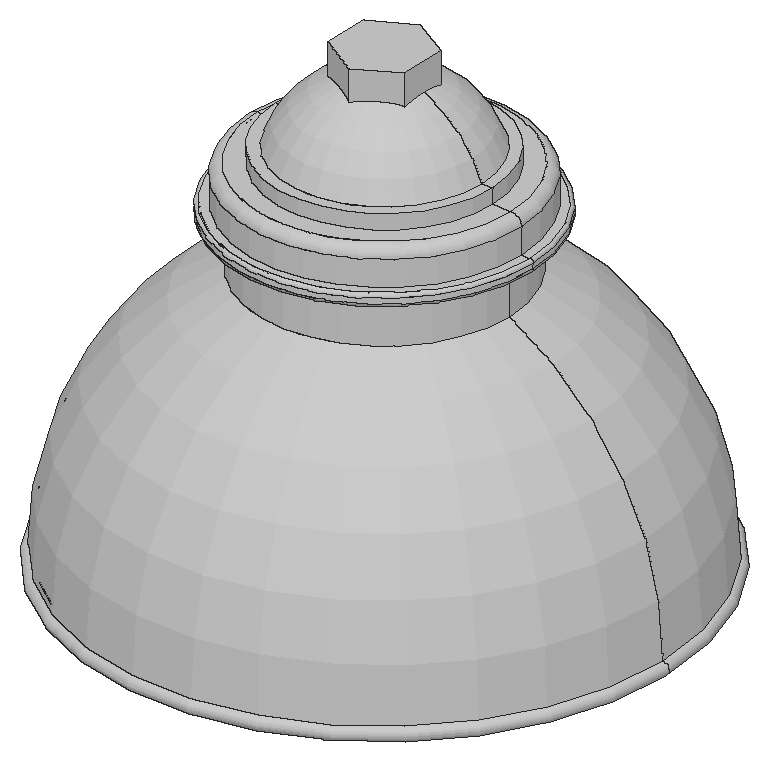
Revit family "SG11 SHADE", category Lighting Fixtures, Revit 2024
Family settings
  Round Connector Dimension = Use Diameter
  Part Type = Normal
  OmniClass Number = 23.80.70.00
  OmniClass Title = Lighting
  Work Plane-Based = No
  Always vertical = Yes
  Cut with Voids When Loaded = No
  Light Source = Yes
  Maintain Annotation Orientation = No
  Shared = No
  Room Calculation Point = No
Parameters
  Wattage = 12.1178 W
  built-in parameter 1150110 = 1 (stored number, unit not read)
  built-in parameter 1114217 = 1 (stored number, unit not read)
  built-in parameter 1150109 = 1 (stored number, unit not read)
  built-in parameter 1150134 = (empty or 0)
  built-in parameter 1150113 = 1 (stored number, unit not read)
  Lumens = 1800 lm
  built-in parameter 1150115 = 1 (stored number, unit not read)
  built-in parameter 1150105 = 572.96 (stored number, unit not read)
  Light Source Symbol Size = 2' - 0"
  built-in parameter 1150137 = (empty or 0)
  built-in parameter 1150139 = (empty or 0)
  built-in parameter 1150112 = 1 (stored number, unit not read)
  built-in parameter 1150114 = 1 (stored number, unit not read)
  built-in parameter 1150132 = 2
  built-in parameter 1150102 = (empty or 0)
  built-in parameter 1150138 = (empty or 0)
  built-in parameter 1150107 = 3000 (stored number, unit not read)
  built-in parameter 1150106 = 5.7296 (stored number, unit not read)
  built-in parameter 1150104 = 13.8 (stored number, unit not read)
  Dimming Lamp Color Temperature Shift = (empty or 0)
  Default Elevation = 0' - 0"
  Color Filter = 16777215
  built-in parameter 1114218 = 1 (stored number, unit not read)
  built-in parameter 1150133 = 10 (stored number, unit not read)
Reference planes (in)
  plane 1 "Light Source Axis (F/B)": y = 0
  plane 2: z = 0
  plane 3 "Light Source Axis (L/R)": x = 0
  plane 4 "Light Source Elevation": z = 54
Forms (in)
  Revolve 1, solid
    sketch origin (0, 0, 0) x (1, 0, 0) y (0, 0, 1)
      loop
        arc (0, 62.62354) -> (-1.15618, 62.25327) -> (-1.88216, 61.28023) r 1.99024
        line (-1.88216, 61.28023) -> (-2.09129, 61.28023) -> (-2.09129, 61) -> (-2.45, 61)
        arc (-2.45, 61) -> (-2.59142, 60.94142) -> (-2.65, 60.8) r 0.2
        line (-2.65, 60.8) -> (-2.65, 60.31562) -> (-2.8125, 60.31562)
        arc (-2.8125, 60.31562) -> (-2.85669, 60.29732) -> (-2.875, 60.25312) r 0.0625
        line (-2.875, 60.25312) -> (-2.875, 60.15)
        arc (-2.875, 60.15) -> (-2.85669, 60.10581) -> (-2.8125, 60.0875) r 0.0625
        line (-2.8125, 60.0875) -> (-2.425, 60.0875) -> (-2.425, 59.175)
        arc (-2.425, 59.175) -> (-4.61419, 57.13959) -> (-5.37928, 54.24993) r 5.38066
        arc (-5.37928, 54.24993) -> (-5.42227, 54.00928) -> (-5.28447, 54.2112) r 0.125
        arc (-5.28447, 54.2112) -> (-4.52951, 57.0985) -> (-2.33125, 59.11696) r 5.28691
        line (-2.33125, 59.11696) -> (-2.33125, 60.18125) -> (-2.78125, 60.18125) -> (-2.78125, 60.22187) -> (-2.55625, 60.22187) -> (-2.55625, 60.8)
        arc (-2.55625, 60.8) -> (-2.52513, 60.87513) -> (-2.45, 60.90625) r 0.10625
        line (-2.45, 60.90625) -> (-1.99754, 60.90625) -> (-1.99754, 61.18648) -> (-1.81402, 61.18648)
        arc (-1.81402, 61.18648) -> (-1.12862, 62.1574) -> (0, 62.52979) r 1.89649
        line (0, 62.52979) -> (0, 62.62354)
      axis (0, 62.62354) -> (0, 54.2112)
    angle from 0 to 360
  Extrusion 2, solid
    sketch origin (0, 0, 0) x (1, 0, 0) y (0, 1, 0)
      loop
        line (0.75, 0.43301) -> (0, 0.86603) -> (-0.75, 0.43301) -> (-0.75, -0.43301) -> (0, -0.86603) -> (0.75, -0.43301) -> (0.75, 0.43301)
    from 62.99997 to 62.38721
Dimensions and locks (in)
  aligned and locked: plane 3 "Light Source Axis (L/R)" to imposter light
  aligned and locked: plane 1 "Light Source Axis (F/B)" to imposter light
  aligned and locked: plane 4 "Light Source Elevation" to imposter light
  aligned and locked: level to plane 2
